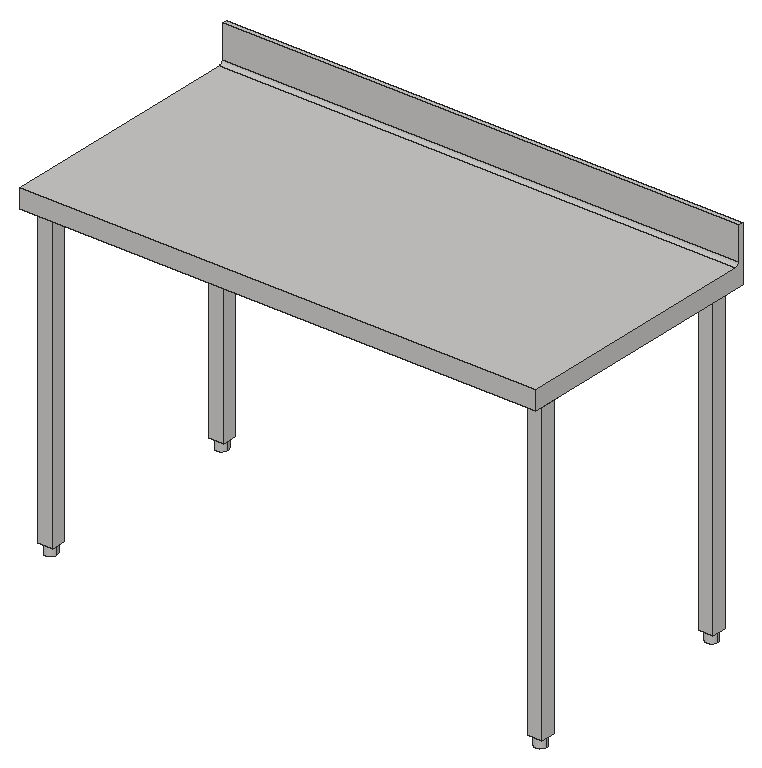
Revit family "QF_ZANUSSI_132847_WTD1417N", category Attrezzature speciali, Revit 2020
Family settings
  Quota connettore circolare = Usa diametro
  Tipo di parte = Normale
  Basato su piano di lavoro = No
  Sempre verticale = Sì
  Taglio con vuoti quando caricato = No
  Condiviso = No
  Punto di calcolo locali = No
Parameters (values of type "Standard")
  Weight = 47.00 kg
  Watts = 0 W
  Volts = 0 V
  URL Manufacturer = "http://www.zanussiprofessional.com"
  URL = "http://www.zanussiprofessional.com"
  Steam Supply Size = 0 mm
  Steam Supply Minimum Pressure = 0.0 Pa
  Steam Supply Maximum Pressure = 0.0 Pa
  Steam Consumption per Hour = 0
  Refrigeration Suction Line Size = 0.0 mm
  Refrigeration Liquid Line Size = 0.0 mm
  Refrigerant Compressor Remote = yes
  Prospetto di default = 0.0 mm
  Produttore = "Zanussi"
  Phase = 0
  Modello = "WTD1417N"
  Length Actual = 1400.0 mm  # constant formula
  Item Number = "132847"
  Hot Water Size = 0 mm
  Height Actual = 900.0 mm  # constant formula
  HP = "0 HP"
  Gas Size = 0 mm
  Gas KW = 0
  Gas Input Pressure = 0 W
  Direct Waste Size = 0 mm
  Descrizione = "WORK TABLE+UPSTAND-DISASSEMBLED 1400MM"
  Depth Actual = 700.0 mm  # constant formula
  Cycle = 0 Hz
  Condensate Return Size = 0 mm
  Compressed Air Volume = 0.0 L/s
  Compressed Air Size = 0 mm
  Compressed Air Pressure = 0.0 Pa
  Cold Water Size = 0 mm
  Accessory = yes
Reference planes
  plane 1 "Center (Front/Back)": y = 0
  plane 2: z = 0
  plane 3 "Center (Left/Right)": x = -200
  plane 4 "LEFT": x = -900
  plane 5 "RIGHT": x = 500
  plane 6 "BACK": y = 350
  plane 7 "FRONT": y = -350
  plane 8 "Base": z = 850
  plane 9 "TOP": z = 900
  plane 10: x = -864.5
  plane 11: x = 464.5
  plane 12: y = 290
  plane 13: y = -290
Forms (mm)
  Extrusion 1, solid, material "QF_Finishes_Stainless Steel"
    sketch origin (-200, 0, 0) x (0, 1, 0) y (0, 0, 1)
      loop
        line (-350, 850) -> (350, 850) -> (350, 1000) -> (337, 1000) -> (337, 910)
        arc (337, 910) -> (334.071, 902.929) -> (327, 900) r 10
        line (327, 900) -> (-350, 900) -> (-350, 850)
    from 700 to -700
Lines and regions (mm)
  symbolic lines
    curve 1: line (500, 350, 900) -> (-900, 350, 900)
    curve 2: line (-900, 350, 900) -> (-900, -350, 900)
    curve 3: line (-900, -350, 900) -> (500, -350, 900)
    curve 4: line (500, -350, 900) -> (500, 350, 900)
    curve 5: line (500, 337, 900) -> (-900, 337, 900)
Dimensions and locks
  plane 4 "LEFT" to plane 5 "RIGHT" = 1400.0 mm
  equal spacing: plane 4 "LEFT", plane 3 "Center (Left/Right)", plane 5 "RIGHT"
  locked: plane 8 "Base" to level at 850
  plane 4 "LEFT" to plane 10 = 35.5 mm
  plane 11 to plane 5 "RIGHT" = 35.5 mm
  plane 10 to plane 11 = 1329.0 mm
  locked: Extrusion 1 to level at 1000
  plane 9 "TOP" to level = 900.0 mm
  plane 6 "BACK" to plane 12 = 60.0 mm
  plane 13 to plane 7 "FRONT" = 60.0 mm
  plane 6 "BACK" to plane 7 "FRONT" = 700.0 mm
  plane 12 to plane 13 = 580.0 mm
  equal spacing: plane 6 "BACK", plane 1 "Center (Front/Back)", plane 7 "FRONT"
  aligned and locked: level to plane 2
  aligned and locked: plane 10 to nested 1
  aligned and locked: nested 1 to plane 13
  aligned and locked: plane 11 to nested 2
  aligned and locked: nested 2 to plane 13
  aligned and locked: plane 11 to nested 4
  aligned and locked: nested 4 to plane 12
  aligned and locked: plane 10 to nested 3
  aligned and locked: nested 3 to plane 12
  aligned and locked: Extrusion 1 to plane 4 "LEFT"
  aligned and locked: plane 5 "RIGHT" to Extrusion 1
  aligned and locked: curve 2 to plane 4 "LEFT"
Automatic sketch dimensions
  Extrusion 1 sketch curve to plane 7 "FRONT" = 0.0 mm
  Extrusion 1 sketch curve to plane 9 "TOP" = 0.0 mm
  Extrusion 1 sketch curve to plane 6 "BACK" = 0.0 mm
  Extrusion 1 sketch curve to plane 8 "Base" = 0.0 mm
  plane 9 "TOP" to Extrusion 1 sketch curve = 10.0 mm
  Extrusion 1 sketch curve to plane 6 "BACK" = 13.0 mm
  Extrusion 1 sketch curve to Extrusion 1 sketch curve = 90.0 mm
  curve 3 to plane 7 "FRONT" = 0.0 mm
  curve 5 to plane 5 "RIGHT" = 0.0 mm
  curve 4 to plane 6 "BACK" = 0.0 mm
  curve 5 to plane 6 "BACK" = 13.0 mm
Nested families
  nested 1: "FEET_40x40" at (-864.5, -290, 0), type "FEET_40x40"
  nested 2: "FEET_40x40" at (464.5, -290, 0), type "FEET_40x40"
  nested 3: "FEET_40x40" at (-864.5, 290, 0), type "FEET_40x40"
  nested 4: "FEET_40x40" at (464.5, 290, 0), type "FEET_40x40"
Definition of nested family "FEET_40x40"
  Parameters
    Default Elevation = 0.0 mm
    FEET = 850.0 mm
  Reference planes
    plane 1 "Center (Front/Back)": y = 0
    plane 2: z = 0
    plane 3 "Center (Left/Right)": x = 0
    plane 4: z = 850
  Forms (mm)
    Extrusion 1, solid
      sketch origin (0, 0, 0) x (1, 0, 0) y (0, 1, 0)
        loop
          line (-20, -20) -> (20, -20) -> (20, 20) -> (-20, 20) -> (-20, -20)
      from 25 to 845
    Extrusion 2, solid
      sketch origin (0, 0, 0) x (1, 0, 0) y (0, 1, 0)
        loop
          circle (0, 0) r 16
      from 0 to 25
    Extrusion 3, solid
      sketch origin (0, 0, 0) x (1, 0, 0) y (0, 1, 0)
        loop
          line (30, 30) -> (-30, 30) -> (-30, -30) -> (30, -30) -> (30, 30)
      from 845 to 850
  Lines and regions (mm)
    symbolic lines
      curve 1: line (0, -1.503, 0) -> (0, 1.508, 0)
      curve 2: line (1.561, 0, 0) -> (-1.439, 0, 0)
  Dimensions and locks
    "FEET": plane 4 to plane 2
    aligned and locked: level to plane 2
  Automatic sketch dimensions
    Extrusion 1 sketch curve to plane 3 "Center (Left/Right)" = 20.0 mm
    plane 3 "Center (Left/Right)" to Extrusion 1 sketch curve = 20.0 mm
    plane 1 "Center (Front/Back)" to Extrusion 1 sketch curve = 20.0 mm
    Extrusion 1 sketch curve to plane 1 "Center (Front/Back)" = 20.0 mm
    plane 1 "Center (Front/Back)" to Extrusion 2 sketch curve = 0.0 mm
    Extrusion 2 sketch curve to plane 3 "Center (Left/Right)" = 0.0 mm
    plane 3 "Center (Left/Right)" to Extrusion 3 sketch curve = 30.0 mm
    Extrusion 3 sketch curve to plane 1 "Center (Front/Back)" = 30.0 mm
    Extrusion 3 sketch curve to plane 3 "Center (Left/Right)" = 30.0 mm
    plane 1 "Center (Front/Back)" to Extrusion 3 sketch curve = 30.0 mm
    plane 1 "Center (Front/Back)" to curve 2 = 0.0 mm
    curve 1 to plane 3 "Center (Left/Right)" = 0.0 mm
    curve 2 to plane 3 "Center (Left/Right)" = 1.439 mm
    plane 3 "Center (Left/Right)" to curve 2 = 1.561 mm
    plane 1 "Center (Front/Back)" to curve 1 = 1.503 mm
    curve 1 to plane 1 "Center (Front/Back)" = 1.508 mm
    radius of Extrusion 2 sketch curve = 16.0 mm
